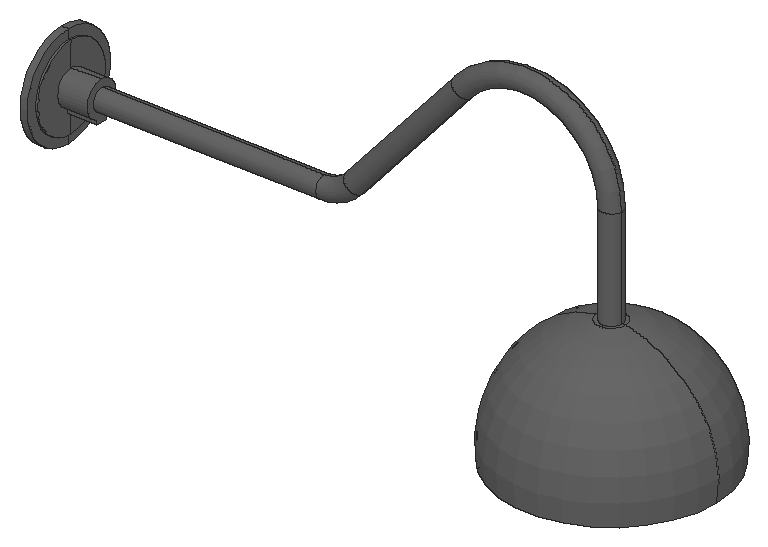
Revit family "DEEP DOME_LED 10,12,16,20", category Lighting Fixtures, Revit 2020
Family settings
  Round Connector Dimension = Use Diameter
  Part Type = Normal
  OmniClass Number = 23.80.70.00
  OmniClass Title = Lighting
  Work Plane-Based = No
  Always vertical = Yes
  Cut with Voids When Loaded = No
  Light Source = Yes
  Shared = No
  Room Calculation Point = No
Parameters (values of type "DD10")
  b = 0' - 2"
  a = 0' - 9"
  Weight = "1.0 lb"
  Wattage Comments = "10W"
  Wattage = 8.41513 W
  Warranty = "5 year limited warranty"  # constant formula
  built-in parameter 1150110 = 1 (stored number, unit not read)
  Voltage = 120 V
  URL = "https://www.anplighting.com/assets/Uploads/product-attachments/specification-sheets/ANP-Specification-Sheet-RLM-LED-DD10.pdf"
  built-in parameter 1114217 = 1 (stored number, unit not read)
  Tilt Angle = 90.00°
  built-in parameter 1150109 = 1 (stored number, unit not read)
  built-in parameter 1150134 = (empty or 0)
  built-in parameter 1150113 = 1 (stored number, unit not read)
  Photometric Web File = "generic"
  built-in parameter 1150142 = (empty or 0)
  Mounting Option [instance] = 2
  Power Factor = 1
  Post Mount [instance] = Mounting Option = 5  # no
  Placement X axis side [instance] = if(Post Mount, 2' 2 15/32", if(Cord or Stem Mount, 0' 0", if(E36 20 inch, 1' 8 1/4", if(E 6 26 inch, 2' 2", if(E7 41 inch, 3' 5 1/4", 0' 1")))))  # 2' - 2"
  Model = "DD10"
  Manufacturer = "ANP Lighting"  # constant formula
  built-in parameter 1150105 = 99.472 (stored number, unit not read)
  Lumens = 1250 lm
  built-in parameter 1150115 = 1 (stored number, unit not read)
  Load Classification = Lighting
  Light Source Height [instance] = 0' - 0"
  built-in parameter 1150137 = (empty or 0)
  built-in parameter 1150139 = (empty or 0)
  Light Elevation _2 [instance] = if(Post Mount, 0' 0.66142", if(E7 41 inch, 0' 0.66142", if(E36 20 inch, 0' 1.65748", if(E 6 26 inch, 0' 1.53543", if(Cord or Stem Mount, (0' 4.3622" + Cord Length), 0' 0")))))  # 0' - 1.53543"
  Light Elevation _1 [instance] = if(Post Mount, 0' 0", if(E7 41 inch, 0' 0", if(E36 20 inch, 0' 1", if(E 6 26 inch, 0' 0.87402", if(Cord or Stem Mount, (0' 3.66142" + Cord Length), 0' 0")))))  # 0' - 0.87402"
  Light Elevation [instance] = if(Post Mount, 14' 0.5315", if(E7 41 inch, 0' 0", 0' 0"))  # 0' - 0"
  Life = "L70 50,000 hours"  # constant formula
  built-in parameter 1150112 = 1 (stored number, unit not read)
  built-in parameter 1150114 = 1 (stored number, unit not read)
  Lamp = "LED"
  built-in parameter 1150132 = 2
  built-in parameter 1150102 = (empty or 0)
  built-in parameter 1150107 = 3000 (stored number, unit not read)
  built-in parameter 1150138 = (empty or 0)
  built-in parameter 1150106 = 0.99472 (stored number, unit not read)
  Fixture Height = 0' - 6"
  Fixture Diameter = 0' - 10"
  Efficiency = "97-125 lumens per watt"  # constant formula
  built-in parameter 1150104 = 13.8 (stored number, unit not read)
  E7 41 inch [instance] = Mounting Option = 4  # no
  E36 20 inch [instance] = Mounting Option = 3  # no
  E 6 26 inch [instance] = Mounting Option = 2  # yes
  Dimming Lamp Color Temperature Shift = <None>
  Dimming = "1%"  # constant formula
  Description = "120-277 Voltage"  # constant formula
  Default Elevation = 0' - 0"
  DD20 = no
  DD16 = no
  DD12 = no
  DD10 = yes
  Cord or Stem Mount [instance] = Mounting Option = 1  # no
  Cord Length option [instance] = 0
  Cord Length [instance] = if([2' Cord], 2' 0", if([4' Cord], 4' 0", if([8' Cord], 8' 0", if([10' Cord], 10' 0", if([6' Cord], 6' 0", 6' 0")))))  # 6' - 0"
  Construction Material = "Heavy Duty spun aluminum."  # constant formula
  Color Filter = 16777215
  Canopy Body = body
  CRI = ">90"  # constant formula
  Bulb = Glass
  Body Material = body
  Body Colour = "Spun aluminium"  # constant formula
  built-in parameter 1114218 = 1 (stored number, unit not read)
  built-in parameter 1150133 = 10 (stored number, unit not read)
  Apparent Load = 10 VA
  8' Cord [instance] = Cord Length option = 8  # no
  6' Cord [instance] = Cord Length option = 6  # no
  4' Cord [instance] = Cord Length option = 4  # no
  2' Cord [instance] = Cord Length option = 2  # no
  10' Cord [instance] = Cord Length option = 10  # no
Types (5): name | b | a | Weight | Wattage Comments | Wattage | URL | Model | built-in parameter 1150105 | Lumens | built-in parameter 1150106 | Fixture Height | Fixture Diameter | DD20 | DD16 | DD12 | DD10 | Apparent Load
  (no name) | 0' - 2" | 0' - 9" | "1.0 lb" | "10W" | 8.41513 W | "https://www.anplighting.com/assets/Uploads/product-attachments/specification-sheets/ANP-Specification-Sheet-RLM-LED-DD10.pdf" | "DD10" | 99.472 (stored number, unit not read) | 1250 lm | 0.99472 (stored number, unit not read) | 0' - 6" | 0' - 10" | no | no | no | yes | 10 VA
  DD10 | 0' - 2" | 0' - 9" | "1.0 lb" | "10W" | 8.41513 W | "https://www.anplighting.com/assets/Uploads/product-attachments/specification-sheets/ANP-Specification-Sheet-RLM-LED-DD10.pdf" | "DD10" | 99.472 (stored number, unit not read) | 1250 lm | 0.99472 (stored number, unit not read) | 0' - 6" | 0' - 10" | no | no | no | yes | 10 VA
  DD12 | 0' - 3" | 0' - 9 1/4" | "2.0 lb" | "16W" | 13.4642 W | "https://www.anplighting.com/assets/Uploads/product-attachments/specification-sheets/ANP-Specification-Sheet-RLM-LED-DD12.pdf" | "DD12" | 159.15 (stored number, unit not read) | 2000 lm | 1.5915 (stored number, unit not read) | 0' - 7 1/4" | 1' - 0" | no | no | yes | no | 16 VA
  DD16 | 0' - 5 1/4" | 0' - 10 3/4" | "4.0 lbs" | "24 W" | 20.1963 W | "https://www.anplighting.com/assets/Uploads/product-attachments/specification-sheets/ANP-Specification-Sheet-RLM-LED-DD16.pdf" | "DD16" | 238.73 (stored number, unit not read) | 3000 lm | 2.3873 (stored number, unit not read) | 0' - 9 3/4" | 1' - 4" | no | yes | no | no | 24 VA
  DD20 | 0' - 7" | 1' - 0 1/4" | "6 lb" | "24 W" | 20.1963 W | "https://www.anplighting.com/assets/Uploads/product-attachments/specification-sheets/ANP-Specification-Sheet-RLM-LED-DD20.pdf" | "DD20" | 238.73 (stored number, unit not read) | 3000 lm | 2.3873 (stored number, unit not read) | 1' - 0 1/4" | 1' - 8" | yes | no | no | no | 24 VA
Reference planes (in)
  plane 1 "Light Source Axis (F/B)": y = 0
  plane 2: z = 0
  plane 3 "Light Source Axis (L/R)": x = 0
  plane 4 "Light Source Elevation": z = 0
  plane 5: z = 0
  plane 6: x = 26
  plane 7 "Bulb Position": z = -1.53543
  plane 8 "Canopy Position": z = -0.87402
  plane 9 "IES": z = -1.53543
  plane 10: z = 164.5315
  plane 11: z = -9.87402
  plane 12: z = -7.87402
  plane 13: z = -5.44289
Dimensions and locks (in)
  "Light Elevation": plane 5 to plane 2
  "Placement X axis side": plane 6 to plane 3 "Light Source Axis (L/R)"
  "Light Elevation _2": plane 5 to plane 7 "Bulb Position"
  "Light Elevation _1": plane 5 to plane 8 "Canopy Position"
  "Light Source Height": plane 7 "Bulb Position" to plane 9 "IES"
  locked: plane 4 "Light Source Elevation" to plane 2
  "a": plane 8 "Canopy Position" to plane 11
  "b": plane 12 to plane 11
  locked: plane 13 to plane 12 at 2.43113
  aligned and locked: level to plane 2
  aligned and locked: plane 1 "Light Source Axis (F/B)" to nested 5
  aligned and locked: nested 5 to plane 2
  aligned and locked: nested 1 to plane 3 "Light Source Axis (L/R)"
  aligned and locked: plane 3 "Light Source Axis (L/R)" to nested 2
  aligned and locked: plane 3 "Light Source Axis (L/R)" to nested 4
  aligned and locked: nested 3 to plane 5
  aligned and locked: plane 3 "Light Source Axis (L/R)" to nested 3
  aligned and locked: plane 3 "Light Source Axis (L/R)" to nested 5
  aligned and locked: plane 1 "Light Source Axis (F/B)" to nested 2
  aligned and locked: plane 1 "Light Source Axis (F/B)" to nested 1
  aligned and locked: plane 1 "Light Source Axis (F/B)" to nested 4
  aligned and locked: plane 1 "Light Source Axis (F/B)" to nested 3
  aligned and locked: plane 2 to nested 1
  aligned and locked: plane 2 to nested 2
  aligned and locked: nested 4 to plane 2
  aligned and locked: imposter light to plane 12
  aligned and locked: plane 6 to imposter light
  aligned and locked: plane 1 "Light Source Axis (F/B)" to nested 6
  aligned and locked: plane 6 to nested 6
  aligned and locked: nested 6 to plane 8 "Canopy Position"
  aligned and locked: plane 1 "Light Source Axis (F/B)" to nested 7
  aligned and locked: plane 6 to nested 7
  aligned and locked: nested 7 to plane 8 "Canopy Position"
  aligned and locked: plane 1 "Light Source Axis (F/B)" to nested 8
  aligned and locked: plane 6 to nested 8
  aligned and locked: nested 8 to plane 8 "Canopy Position"
  aligned and locked: plane 1 "Light Source Axis (F/B)" to nested 9
  aligned and locked: plane 6 to nested 9
  aligned and locked: nested 9 to plane 8 "Canopy Position"
Nested families (in)
  nested 1: "CORD OR STEM MOUNT" at (0, 0, -75.67), visible <- "Cord or Stem Mount", Cord or Stem Mount <- "Cord or Stem Mount", Body Material <- "Body Material", Light Elevation <- "Light Elevation", Cord Length <- "Cord Length", 10' Cord <- "10' Cord", 2' Cord <- "2' Cord", 4' Cord <- "4' Cord", 6' Cord <- "6' Cord", 8' Cord <- "8' Cord", type "CORD OR STEM MOUNT"
    with Light Elevation 0' - 0", Cord or Stem Mount no, Cord Length 6' - 0", Body Material body, 8' Cord no, 6' Cord no, 4' Cord no, 2' Cord no, 10' Cord no
  nested 2: "E6 26 INCH" at (26, 0, 0), visible <- "E 6 26 inch", Chain Length <- "Cord Length", E 6 26 inch <- "E 6 26 inch", Placement X axis side <- "Placement X axis side", Body Material <- "Body Material", Light Elevation <- "Light Elevation", type "E6 26 INCH"
    with Placement X axis side 2' - 2", Light Elevation 0' - 0", E 6 26 inch yes, Chain Length 6' - 0", Body Material body
  nested 3: "E7 41 INCH" at (26, 0, 0), Chain Length <- "Cord Length", visible <- "E7 41 inch", E7 41 inch <- "E7 41 inch", Placement X axis side <- "Placement X axis side", Body Material <- "Body Material", Light Elevation <- "Light Elevation", type "E7 41 INCH"
    with Placement X axis side 2' - 2", Light Elevation 0' - 0", E7 41 inch no, Chain Length 6' - 0", Body Material body
  nested 4: "E36 20 INCH" at (26, 0, 0), visible <- "E36 20 inch", E36 20 inch <- "E36 20 inch", Placement X axis side <- "Placement X axis side", Chain Length <- "Cord Length", Body Material <- "Body Material", Light Elevation <- "Light Elevation", type "E36 20 INCH"
    with Placement X axis side 2' - 2", Light Elevation 0' - 0", E36 20 inch no, Chain Length 6' - 0", Body Material body
  nested 5: "POST MOUNT" at (26, 0, 0), visible <- "Post Mount", Post Mount <- "Post Mount", Placement X axis side <- "Placement X axis side", Chain Length <- "Cord Length", Body Material <- "Body Material", Light Elevation <- "Light Elevation", type "POST MOUNT"
    with Post Mount no, Placement X axis side 2' - 2", Light Elevation 0' - 0", Chain Length 6' - 0", Body Material body
  nested 6: "DD10_1" at (26, 0, -0.93652), DD10 <- "DD10", visible <- "DD10", Body <- "Canopy Body", Bulb <- "Bulb", Light Elevation <- "Light Elevation", type "DD10_1"
    with Light Elevation 0' - 0", DD10 yes, Bulb Glass, Body body
  nested 7: "DD12_1" at (26, 0, -0.87402), DD12 <- "DD12", visible <- "DD12", Body <- "Canopy Body", Bulb <- "Bulb", Light Elevation <- "Light Elevation", type "DD12_1"
    with Light Elevation 0' - 0", DD12 no, Bulb Glass, Body body
  nested 8: "DD16_1" at (26, 0, -0.87402), DD16 <- "DD16", visible <- "DD16", Body <- "Canopy Body", Bulb <- "Bulb", Light Elevation <- "Light Elevation", type "DD16_1"
    with Light Elevation 0' - 0", DD16 no, Bulb Glass, Body body
  nested 9: "DD20_1" at (26, 0, -0.87402), Body <- "Canopy Body", Bulb <- "Bulb", DD20 <- "DD20", visible <- "DD20", Light Elevation <- "Light Elevation", type "DD20_1"
    with Light Elevation 0' - 0", DD20 no, Bulb Glass, Body body
Definition of nested family "E6 26 INCH"
  Parameters (values of type "E6 26 INCH")
    URL = ""
    Placement X axis side [instance] = 2' - 2"
    Model = ""
    Manufacturer = ""
    Light Elevation [instance] = 8' - 4"
    E 6 26 inch [instance] = yes
    Default Elevation = 0' - 0"
    Chain Length [instance] = 0' - 0"
    Body Material [instance] = none
  Reference planes (in)
    plane 1 "Light Source Axis (F/B)": y = 0
    plane 2: z = 0
    plane 3 "Light Source Axis (L/R)": x = 0
    plane 4 "Light Source Elevation": z = 23.125
    plane 5: z = 100
    plane 6: x = -26
    plane 7: z = 99.125
    plane 8: x = -24.12
    plane 9: x = -25.5474
  Forms (in)
    Extrusion 1, void, not visible
      sketch origin (0, 0, 2.38154) x (1, 0, 0) y (0, 0, 1)
        loop
          circle (0, 4.59925) r 0.16583
      from 1.18594 to 1.75
    Extrusion 2, void, not visible
      sketch origin (0, 0, 2.38154) x (0.707107, -0.707107, 0) y (0, 0, 1)
        loop
          circle (0, 4.59925) r 0.16583
      from 1.18594 to 1.75
    Extrusion 3, void, not visible
      sketch origin (0, 0, 2.38154) x (0.707107, 0.707107, 0) y (0, 0, 1)
        loop
          circle (0, 4.59925) r 0.16583
      from 1.18594 to 1.75
    Extrusion 4, void, not visible
      sketch origin (0, 0, 2.38154) x (0, 1, 0) y (0, 0, 1)
        loop
          circle (0, 4.59925) r 0.16583
      from 1.18594 to 1.75
    Extrusion 5, void, not visible
      sketch origin (0, 0, 2.38154) x (-0.707107, 0.707107, 0) y (0, 0, 1)
        loop
          circle (0, 4.59925) r 0.16583
      from 1.18594 to 1.75
    Extrusion 6, void, not visible
      sketch origin (0, 0, 2.38154) x (-1, 0, 0) y (0, 0, 1)
        loop
          circle (0, 4.59925) r 0.20678
      from 1.18594 to 1.75
    Extrusion 7, void, not visible
      sketch origin (0, 0, 2.38154) x (-0.707107, -0.707107, 0) y (0, 0, 1)
        loop
          circle (0, 4.59925) r 0.16583
      from 1.18594 to 1.75
    Extrusion 8, void, not visible
      sketch origin (0, 0, 2.38154) x (0, -1, 0) y (0, 0, 1)
        loop
          circle (0, 4.59925) r 0.16583
      from 1.18594 to 1.75
    Sweep 9, solid, material <- "Body Material", visible <- "E 6 26 inch"
      path origin (-41.25, 0, 168.51693) x (1, 0, 0) y (0, 0, 1)
        loop
          line (17.13, -68.51693) -> (27.68551, -68.51693)
          arc (27.68551, -68.51693) -> (28.47996, -68.34486) -> (29.13202, -67.8595) r 1.92004
          line (29.13202, -67.8595) -> (34.23651, -62.01155)
          arc (34.23651, -62.01155) -> (38.65464, -60.89667) -> (41.25, -64.64193) r 4
          line (41.25, -64.64193) -> (41.25, -69.39193)
      profile origin (-18.84224, 0, 100) x (0, 0, 1) y (0, -1, 0)
        loop
          circle (0, 0) r 0.5
    Revolve 10, solid, material <- "Body Material", visible <- "E 6 26 inch"
      sketch origin (-26, 0, 168.51693) x (1, 0, 0) y (0, 0, 1)
        loop
          line (0, -66.07943) -> (0, -68.51693) -> (1.88, -68.51693) -> (1.88, -67.69272) -> (0.4526, -67.69272) -> (0.4526, -66.54122) -> (0.33125, -66.54122) -> (0.33125, -66.07943) -> (0, -66.07943)
        axis (0, -68.51693) -> (1.88, -68.51693)
      angle from 0 to 360
    Extrusion 11, solid, material <- "Body Material", visible <- "E 6 26 inch"
      sketch origin (-26, 0, 168.51693) x (0, -1, 0) y (0, 0, -1)
        loop
          line (0.25, 68.51693) -> (0.25, 69.51693) -> (-0.25, 69.51693) -> (-0.25, 68.51693) -> (0.25, 68.51693)
      from 0.4526 to 1.88
  Cuts and joins
    joined: Revolve 10, Extrusion 11
  Dimensions and locks (in)
    "Light Elevation": plane 5 to plane 2
    "Placement X axis side": plane 3 "Light Source Axis (L/R)" to plane 6
    locked: plane 5 to plane 7 at 0.875
    Revolve 10 sketch curve to Revolve 10 sketch curve to Revolve 10 sketch curve to plane 6 = 0' - 1.4274" locked, 0' - 0.12135" locked, 0' - 0.33125" locked
    Revolve 10 sketch curve to Revolve 10 sketch curve to Revolve 10 sketch curve to plane 5 = 0' - 0.46179" locked, 0' - 1.1515" locked, 0' - 0 211/256" locked
    locked: Sweep 9 sketch curve to plane 6 at 1.88
    locked: Sweep 9 sketch curve to Sweep 9 sketch curve at 10.55551
    locked: Sweep 9 sketch curve to Sweep 9 sketch curve at 13.56449
    locked: Sweep 9 sketch curve to Sweep 9 sketch curve at 4.75
    locked: plane 9 to plane 6 at 0.4526
    locked: plane 8 to plane 9 at 1.4274
    aligned and locked: level to plane 2
    aligned and locked: Revolve 10 sketch curve to plane 6
    aligned and locked: plane 5 to Revolve 10 sketch curve
    aligned and locked: Revolve 10 sketch curve to plane 5
    aligned and locked: cut or joined group of Revolve 10, Extrusion 11 to plane 9
    aligned and locked: plane 8 to cut or joined group of Revolve 10, Extrusion 11
  Automatic sketch dimensions
    Sweep 9 sketch curve to plane 5 = 0' - 0"
    Sweep 9 sketch curve to Sweep 9 sketch curve = 0' - 4"
    Sweep 9 sketch curve to Sweep 9 sketch curve = 0' - 3.01349"
    plane 5 to Sweep 9 sketch curve = 0' - 0.65743"
    Sweep 9 sketch curve to Sweep 9 sketch curve = 0' - 1.4465"
    Sweep 9 sketch curve to plane 5 = 0' - 0 7/8"
    profile plane to Sweep 9 sketch curve = 0' - 0"
    Sweep 9 sketch curve to profile plane = 0' - 0"
    plane 6 to Revolve 10 sketch curve = 0' - 0.62562"
    Revolve 10 sketch curve to Revolve 10 sketch curve = 0' - 0 1/2"
    Extrusion 11 sketch curve to plane 5 = 0' - 0"
    plane 1 "Light Source Axis (F/B)" to Extrusion 11 sketch curve = 0' - 0 1/4"
    Extrusion 11 sketch curve to plane 1 "Light Source Axis (F/B)" = 0' - 0 1/4"
    plane 5 to Extrusion 11 sketch curve = 0' - 1"
    radius of Sweep 9 sketch curve = 0' - 0 1/2"
Definition of nested family "DD10_1"
  Parameters (values of type "DD10_1")
    Light Elevation [instance] = 5' - 0"
    Default Elevation = 0' - 0"
    DD10 [instance] = yes
    Bulb [instance] = none
    Body [instance] = none
  Reference planes (in)
    plane 1 "Center (Front/Back)": y = 0
    plane 2: z = 0
    plane 3 "Center (Left/Right)": x = 0
    plane 4: z = 60
    plane 5: z = 56
  Dimensions and locks (in)
    "Light Elevation": plane 4 to plane 2
    locked: plane 4 to nested 2 at 1.5569
    locked: plane 4 to plane 5 at 4
    aligned and locked: plane 2 to level
    aligned and locked: plane 3 "Center (Left/Right)" to nested 1
    aligned and locked: plane 1 "Center (Front/Back)" to nested 1
    aligned and locked: plane 4 to nested 1
    aligned and locked: plane 1 "Center (Front/Back)" to nested 2
    aligned and locked: plane 3 "Center (Left/Right)" to nested 2
  Nested families (in)
    nested 1: "DD10 BASE" at (0, 0, 60.0625), visible <- "DD10", Body <- "Body", DD10 <- "DD10", type "DD10 BASE"
    nested 2: "Bulb" at (0, 0, 60.46875), visible <- "DD10", Bulb_1 <- "DD10", Bulb <- "Bulb", type "Bulb"
  Definition of nested family "DD10 BASE"
    Parameters (values of type "DD10 BASE")
      Default Elevation = 0' - 0"
      DD10 [instance] = yes
      Body [instance] = none
    Reference planes (in)
      plane 1 "Center (Front/Back)": y = 0
      plane 2: z = 0
      plane 3 "Center (Left/Right)": x = 0
    Forms (in)
      Revolve 1, solid, material <- "Body", visible <- "DD10"
        sketch origin (0, 0, 0) x (1, 0, 0) y (0, 0, 1)
          loop
            arc (0.6821, -0.0625) -> (4.02311, -2.16156) -> (4.93676, -6) r 5.21339
            line (4.93676, -6) -> (5, -6)
            arc (5, -6) -> (4.0695, -2.11899) -> (0.6875, 0) r 5.27589
            line (0.6875, 0) -> (0.10938, 0) -> (0.10938, -0.0625) -> (0.6875, -0.0625)
          axis (0, 0) -> (0, -6)
        angle from 0 to 360
    Dimensions and locks (in)
      Revolve 1 to Revolve 1 = 0' - 6"
      Revolve 1 to Revolve 1 = 0' - 10"
      aligned and locked: plane 2 to level
  Definition of nested family "Bulb"
    Parameters (values of type "Bulb")
      Default Elevation = 0' - 0"
      Bulb_1 [instance] = yes
      Bulb [instance] = none
    Reference planes (in)
      plane 1 "Center (Front/Back)": y = 0
      plane 2: z = 0
      plane 3 "Center (Left/Right)": x = 0
    Forms (in)
      Revolve 1, solid, material <- "Bulb", visible <- "Bulb_1"
        sketch origin (0.00446, 0, 0.00567) x (1, 0, 0) y (0, 0, 1)
          loop
            arc (-1.22244, -3.28132) -> (-0.86108, -4.13031) -> (0, -4.46182) r 1.18347
            line (0, -4.46182) -> (0, -3.28132) -> (-1.22244, -3.28132)
          axis (0, -4.46182) -> (0, -3.28132)
        angle from 0 to 360
      Revolve 2, solid, material <- "Bulb", visible <- "Bulb_1"
        sketch origin (0, 0, 0) x (1, 0, 0) y (0, 0, 1)
          loop
            line (0.00225, -3.02565) -> (0.00225, -3.27565) -> (1.76788, -3.27565) -> (1.76788, -3.02565) -> (0.00225, -3.02565)
          axis (0.00225, -3.02565) -> (0.00225, -3.27565)
        angle from 0 to 360
      Revolve 3, solid, material <- "Bulb", visible <- "Bulb_1"
        sketch origin (0, 0, 0) x (1, 0, 0) y (0, 0, 1)
          loop
            line (1.3513, -2.02565) -> (0, -2.02565) -> (0, -3.02565) -> (1.47103, -3.02565) -> (1.39254, -2.98286) -> (1.39254, -2.056) -> (1.3513, -2.02565)
          axis (0, -3.02565) -> (0, -2.02565)
        angle from 0 to 360
    Dimensions and locks (in)
      aligned and locked: plane 2 to level
Definition of nested family "CORD OR STEM MOUNT"
  Parameters (values of type "CORD OR STEM MOUNT")
    URL = ""
    Model = ""
    Manufacturer = ""
    Light Elevation [instance] = 1' - 7.69"
    Default Elevation = 0' - 0"
    Cord or Stem Mount [instance] = yes
    Cord Length [instance] = 6' - 0"
    Body Material [instance] = none
    8' Cord [instance] = no
    6' Cord [instance] = no
    4' Cord [instance] = no
    2' Cord [instance] = no
    10' Cord [instance] = no
  Reference planes (in)
    plane 1 "Light Source Axis (F/B)": y = 0
    plane 2: z = 0
    plane 3 "Light Source Axis (L/R)": x = 0
    plane 4 "Light Source Elevation": z = 23.125
    plane 5: z = 91.69
    plane 6: z = 19.69
  Forms (in)
    Extrusion 1, void, not visible
      sketch origin (0, 0, 2.38154) x (1, 0, 0) y (0, 0, 1)
        loop
          circle (0, 4.59925) r 0.16583
      from 1.18594 to 1.75
    Extrusion 2, void, not visible
      sketch origin (0, 0, 2.38154) x (0.707107, -0.707107, 0) y (0, 0, 1)
        loop
          circle (0, 4.59925) r 0.16583
      from 1.18594 to 1.75
    Extrusion 3, void, not visible
      sketch origin (0, 0, 2.38154) x (0.707107, 0.707107, 0) y (0, 0, 1)
        loop
          circle (0, 4.59925) r 0.16583
      from 1.18594 to 1.75
    Extrusion 4, void, not visible
      sketch origin (0, 0, 2.38154) x (0, 1, 0) y (0, 0, 1)
        loop
          circle (0, 4.59925) r 0.16583
      from 1.18594 to 1.75
    Extrusion 5, void, not visible
      sketch origin (0, 0, 2.38154) x (-0.707107, 0.707107, 0) y (0, 0, 1)
        loop
          circle (0, 4.59925) r 0.16583
      from 1.18594 to 1.75
    Extrusion 6, void, not visible
      sketch origin (0, 0, 2.38154) x (-1, 0, 0) y (0, 0, 1)
        loop
          circle (0, 4.59925) r 0.20678
      from 1.18594 to 1.75
    Extrusion 7, void, not visible
      sketch origin (0, 0, 2.38154) x (-0.707107, -0.707107, 0) y (0, 0, 1)
        loop
          circle (0, 4.59925) r 0.16583
      from 1.18594 to 1.75
    Extrusion 8, void, not visible
      sketch origin (0, 0, 2.38154) x (0, -1, 0) y (0, 0, 1)
        loop
          circle (0, 4.59925) r 0.16583
      from 1.18594 to 1.75
    Revolve 9, solid, material <- "Body Material", visible <- "Cord or Stem Mount"
      sketch origin (0, 0, 174.56698) x (1, 0, 0) y (0, 0, 1)
        loop
          line (2.6875, -79.20698) -> (0, -79.20698) -> (0, -82.87698) -> (0.125, -82.87698) -> (0.125, -82.83698) -> (0.75, -82.83698)
          arc (0.75, -82.83698) -> (0.81694, -82.77004) -> (0.75, -82.7031) r 0.06694
          line (0.75, -82.7031) -> (0.89763, -82.7031) -> (1.00223, -82.5985) -> (1.06587, -82.5985)
          arc (1.06587, -82.5985) -> (1.80099, -82.29401) -> (2.10549, -81.55888) r 1.03962
          line (2.10549, -81.55888) -> (2.10549, -81.03899)
          arc (2.10549, -81.03899) -> (2.12951, -80.981) -> (2.1875, -80.95698) r 0.08201
          line (2.1875, -80.95698) -> (2.1875, -80.70698) -> (2.6875, -80.70698) -> (2.6875, -79.20698)
        axis (0, -79.20698) -> (0, -82.87698)
      angle from 0 to 360
    Revolve 10, solid, material <- "Body Material", visible <- "Cord or Stem Mount"
      sketch origin (0, 0, 0) x (1, 0, 0) y (0, 0, 1)
        loop
          line (0, 91.69) -> (-0.125, 91.69) -> (-0.125, 19.69) -> (0, 19.69) -> (0, 91.69)
        axis (0, 19.69) -> (0, 91.69)
      angle from 0 to 360
  Dimensions and locks (in)
    "Light Elevation": plane 6 to plane 2
    "Cord Length": plane 5 to plane 6
    locked: Revolve 10 sketch curve to Revolve 10 sketch curve at 0.125
    aligned and locked: level to plane 2
    aligned and locked: Revolve 10 sketch curve to plane 3 "Light Source Axis (L/R)"
    aligned and locked: Revolve 10 sketch curve to plane 6
    aligned and locked: Revolve 10 sketch curve to plane 5
    aligned and locked: plane 3 "Light Source Axis (L/R)" to Revolve 10 sketch curve
  Automatic sketch dimensions
    Revolve 9 sketch curve to plane 3 "Light Source Axis (L/R)" = 0' - 0"  (x2)
    Revolve 9 sketch curve to plane 5 = 0' - 0"
    plane 3 "Light Source Axis (L/R)" to Revolve 9 sketch curve = 0' - 0 1/8"
    Revolve 9 sketch curve to plane 5 = 0' - 0.17388"
    Revolve 9 sketch curve to Revolve 9 sketch curve = 0' - 0 5/8"
    Revolve 9 sketch curve to Revolve 9 sketch curve = 0' - 0.14763"
    Revolve 9 sketch curve to plane 5 = 0' - 0.27847"
    Revolve 9 sketch curve to Revolve 9 sketch curve = 0' - 0.1046"
    Revolve 9 sketch curve to Revolve 9 sketch curve = 0' - 0.06364"
    Revolve 9 sketch curve to Revolve 9 sketch curve = 0' - 1.03962"
    Revolve 9 sketch curve to Revolve 9 sketch curve = 0' - 0 21/256"
    Revolve 9 sketch curve to Revolve 9 sketch curve = 0' - 0 1/2"  (x2)
    Revolve 9 sketch curve to Revolve 9 sketch curve = 0' - 0.51989"
    Revolve 9 sketch curve to Revolve 9 sketch curve = 0' - 0 1/4"
    Revolve 9 sketch curve to Revolve 9 sketch curve = 0' - 2.3519"
    Revolve 9 sketch curve to Revolve 9 sketch curve = 0' - 1 1/4"
    Revolve 9 sketch curve to Revolve 9 sketch curve = 0' - 0.04"
    Revolve 10 sketch curve to Revolve 10 sketch curve = 0' - 0 1/2"
    Revolve 10 sketch curve to Revolve 10 sketch curve = 0' - 0.42345"
Definition of nested family "E7 41 INCH"
  Parameters (values of type "E7 41 INCH")
    URL = ""
    Placement X axis side [instance] = 4' - 2"
    Model = ""
    Manufacturer = ""
    Light Elevation [instance] = 8' - 4"
    E7 41 inch [instance] = yes
    Default Elevation = 0' - 0"
    Chain Length [instance] = 0' - 0"
    Body Material [instance] = none
  Reference planes (in)
    plane 1 "Light Source Axis (F/B)": y = 0
    plane 2: z = 0
    plane 3 "Light Source Axis (L/R)": x = 0
    plane 4 "Light Source Elevation": z = 23.125
    plane 5: z = 100
    plane 6: x = -50
  Forms (in)
    Extrusion 1, void, not visible
      sketch origin (0, 0, 2.38154) x (1, 0, 0) y (0, 0, 1)
        loop
          circle (0, 4.59925) r 0.16583
      from 1.18594 to 1.75
    Extrusion 2, void, not visible
      sketch origin (0, 0, 2.38154) x (0.707107, -0.707107, 0) y (0, 0, 1)
        loop
          circle (0, 4.59925) r 0.16583
      from 1.18594 to 1.75
    Extrusion 3, void, not visible
      sketch origin (0, 0, 2.38154) x (0.707107, 0.707107, 0) y (0, 0, 1)
        loop
          circle (0, 4.59925) r 0.16583
      from 1.18594 to 1.75
    Extrusion 4, void, not visible
      sketch origin (0, 0, 2.38154) x (0, 1, 0) y (0, 0, 1)
        loop
          circle (0, 4.59925) r 0.16583
      from 1.18594 to 1.75
    Extrusion 5, void, not visible
      sketch origin (0, 0, 2.38154) x (-0.707107, 0.707107, 0) y (0, 0, 1)
        loop
          circle (0, 4.59925) r 0.16583
      from 1.18594 to 1.75
    Extrusion 6, void, not visible
      sketch origin (0, 0, 2.38154) x (-1, 0, 0) y (0, 0, 1)
        loop
          circle (0, 4.59925) r 0.20678
      from 1.18594 to 1.75
    Extrusion 7, void, not visible
      sketch origin (0, 0, 2.38154) x (-0.707107, -0.707107, 0) y (0, 0, 1)
        loop
          circle (0, 4.59925) r 0.16583
      from 1.18594 to 1.75
    Extrusion 8, void, not visible
      sketch origin (0, 0, 2.38154) x (0, -1, 0) y (0, 0, 1)
        loop
          circle (0, 4.59925) r 0.16583
      from 1.18594 to 1.75
    Revolve 9, solid, material <- "Body Material", visible <- "E7 41 inch"
      sketch origin (-41.25, 0, 168.39193) x (1, 0, 0) y (0, 0, 1)
        loop
          line (-8.75, -66.20443) -> (-8.75, -68.51693) -> (-6.87, -68.51693) -> (-6.87, -67.69272) -> (-8.2974, -67.69272) -> (-8.2974, -66.54122) -> (-8.41875, -66.54122) -> (-8.41875, -66.20443) -> (-8.75, -66.20443)
        axis (-8.75, -68.51693) -> (-6.87, -68.51693)
      angle from 0 to 360
    Extrusion 10, solid, material <- "Body Material", visible <- "E7 41 inch"
      sketch origin (-41.25, 0, 168.39193) x (0, -1, 0) y (0, 0, -1)
        loop
          line (0.25, 68.51693) -> (0.25, 69.51693) -> (-0.25, 69.51693) -> (-0.25, 68.51693) -> (0.25, 68.51693)
      from -8.2974 to -6.87
    Sweep 11, solid, material <- "Body Material", visible <- "E7 41 inch"
      path origin (-41.25, 0, 168.39193) x (1, 0, 0) y (0, 0, 1)
        loop
          line (-6.87, -68.51693) -> (16.04011, -68.51693)
          arc (16.04011, -68.51693) -> (17.864, -68.13651) -> (19.38375, -67.0587) r 4.5625
          line (19.38375, -67.0587) -> (24.70217, -61.33018)
          arc (24.70217, -61.33018) -> (29.64465, -60.20324) -> (32.5, -64.39193) r 4.5
          line (32.5, -64.39193) -> (32.5, -68.39193)
      profile origin (-36.66494, 0, 99.875) x (0, 0, 1) y (0, -1, 0)
        loop
          circle (0, 0) r 0.5
  Dimensions and locks (in)
    "Placement X axis side": plane 3 "Light Source Axis (L/R)" to plane 6
    "Light Elevation": plane 5 to plane 2
    locked: Revolve 9 sketch curve to Revolve 9 sketch curve at 0.33125
    locked: Revolve 9 sketch curve to Revolve 9 sketch curve at 0.4526
    locked: Revolve 9 sketch curve to Revolve 9 sketch curve at 1.88
    locked: Revolve 9 sketch curve to Revolve 9 sketch curve at 0.82421
    locked: Revolve 9 sketch curve to Revolve 9 sketch curve at 1.1515
    locked: Revolve 9 sketch curve to Revolve 9 sketch curve at 0.33679
    locked: plane 5 to Revolve 9 sketch curve at 0.125
    locked: Extrusion 10 sketch curve to Extrusion 10 sketch curve at 0.5
    locked: Extrusion 10 sketch curve to Extrusion 10 sketch curve at 1
    locked: plane 5 to Extrusion 10 sketch curve at 0.125
    locked: plane 5 to Sweep 11 sketch curve at 0.125
    locked: Sweep 11 sketch curve to Sweep 11 sketch curve at 39.37
    locked: Sweep 11 sketch curve to Sweep 11 sketch curve at 4
    locked: plane 6 to Extrusion 10 at 0.4526
    locked: Sweep 11 sketch curve to plane 6 at 1.88
    locked: Extrusion 10 to Extrusion 10 at 1.4274
    aligned and locked: plane 2 to level
    aligned and locked: Revolve 9 sketch curve to plane 6
  Automatic sketch dimensions
    Revolve 9 sketch curve to plane 5 = 0' - 0 1/8"
    plane 6 to Revolve 9 sketch curve = 0' - 0.62562"
    Revolve 9 sketch curve to Revolve 9 sketch curve = 0' - 0 1/2"
    plane 1 "Light Source Axis (F/B)" to Extrusion 10 sketch curve = 0' - 0 1/4"
    Sweep 11 sketch curve to plane 5 = 0' - 0"
    Sweep 11 sketch curve to Sweep 11 sketch curve = 0' - 4 1/2"
    Sweep 11 sketch curve to Sweep 11 sketch curve = 0' - 3.29783"
    plane 5 to Sweep 11 sketch curve = 0' - 1.33323"
    Sweep 11 sketch curve to Sweep 11 sketch curve = 0' - 5.31842"
    Sweep 11 sketch curve to Sweep 11 sketch curve = 0' - 3.34364"
    profile plane to Sweep 11 sketch curve = 0' - 0"
    Sweep 11 sketch curve to profile plane = 0' - 0"
    radius of Sweep 11 sketch curve = 0' - 0 1/2"
Definition of nested family "E36 20 INCH"
  Parameters (values of type "E36 20 INCH")
    URL = ""
    Placement X axis side [instance] = 1' - 8 1/4"
    Model = ""
    Manufacturer = ""
    Light Elevation [instance] = 8' - 4"
    E36 20 inch [instance] = yes
    Default Elevation = 0' - 0"
    Chain Length [instance] = 0' - 0"
    Body Material [instance] = none
  Reference planes (in)
    plane 1 "Light Source Axis (F/B)": y = 0
    plane 2: z = 0
    plane 3 "Light Source Axis (L/R)": x = 0
    plane 4 "Light Source Elevation": z = 23.125
    plane 5: z = 99
    plane 6: x = -20.25
    plane 7: z = 100
    plane 8: x = -18.37008
    plane 9: x = -19.79724
  Forms (in)
    Extrusion 1, void, not visible
      sketch origin (0, 0, 2.38154) x (1, 0, 0) y (0, 0, 1)
        loop
          circle (0, 4.59925) r 0.16583
      from 1.18594 to 1.75
    Extrusion 2, void, not visible
      sketch origin (0, 0, 2.38154) x (0.707107, -0.707107, 0) y (0, 0, 1)
        loop
          circle (0, 4.59925) r 0.16583
      from 1.18594 to 1.75
    Extrusion 3, void, not visible
      sketch origin (0, 0, 2.38154) x (0.707107, 0.707107, 0) y (0, 0, 1)
        loop
          circle (0, 4.59925) r 0.16583
      from 1.18594 to 1.75
    Extrusion 4, void, not visible
      sketch origin (0, 0, 2.38154) x (0, 1, 0) y (0, 0, 1)
        loop
          circle (0, 4.59925) r 0.16583
      from 1.18594 to 1.75
    Extrusion 5, void, not visible
      sketch origin (0, 0, 2.38154) x (-0.707107, 0.707107, 0) y (0, 0, 1)
        loop
          circle (0, 4.59925) r 0.16583
      from 1.18594 to 1.75
    Extrusion 6, void, not visible
      sketch origin (0, 0, 2.38154) x (-1, 0, 0) y (0, 0, 1)
        loop
          circle (0, 4.59925) r 0.20678
      from 1.18594 to 1.75
    Extrusion 7, void, not visible
      sketch origin (0, 0, 2.38154) x (-0.707107, -0.707107, 0) y (0, 0, 1)
        loop
          circle (0, 4.59925) r 0.16583
      from 1.18594 to 1.75
    Extrusion 8, void, not visible
      sketch origin (0, 0, 2.38154) x (0, -1, 0) y (0, 0, 1)
        loop
          circle (0, 4.59925) r 0.16583
      from 1.18594 to 1.75
    Sweep 9, solid, material <- "Body Material", visible <- "E36 20 inch"
      path origin (-41.25, 0, 169.51693) x (1, 0, 0) y (0, 0, 1)
        loop
          line (22.88, -69.51693) -> (28.93827, -69.51693)
          arc (28.93827, -69.51693) -> (29.97705, -69.28152) -> (30.81284, -68.62128) r 2.40953
          line (30.81284, -68.62128) -> (34.13807, -64.50378)
          arc (34.13807, -64.50378) -> (38.58272, -63.24548) -> (41.25, -67.01693) r 4
          line (41.25, -67.01693) -> (41.25, -70.51693)
      profile origin (-15.34086, 0, 100) x (0, 0, 1) y (0, -1, 0)
        loop
          circle (0, 0) r 0.5
    Revolve 10, solid, material <- "Body Material", visible <- "E36 20 inch"
      sketch origin (-20.25, 0, 169.51693) x (1, 0, 0) y (0, 0, 1)
        loop
          line (0, -67.20443) -> (0, -69.51693) -> (1.88, -69.51693) -> (1.88, -68.69272) -> (0.4526, -68.69272) -> (0.4526, -67.54122) -> (0.33125, -67.54122) -> (0.33125, -67.20443) -> (0, -67.20443)
        axis (0, -69.51693) -> (1.88, -69.51693)
      angle from 0 to 360
    Extrusion 11, solid, material <- "Body Material", visible <- "E36 20 inch"
      sketch origin (-20.25, 0, 169.51693) x (0, -1, 0) y (0, 0, -1)
        loop
          line (0.25, 69.51693) -> (0.25, 70.51693) -> (-0.25, 70.51693) -> (-0.25, 69.51693) -> (0.25, 69.51693)
      from 1.87992 to 0.45276
  Cuts and joins
    joined: Revolve 10, Extrusion 11
  Dimensions and locks (in)
    "Light Elevation": plane 7 to plane 2
    "Placement X axis side": plane 3 "Light Source Axis (L/R)" to plane 6
    locked: plane 7 to plane 5 at 1
    Revolve 10 sketch curve to Revolve 10 sketch curve to Revolve 10 sketch curve to plane 7 = 0' - 0.33679" locked, 0' - 1.1515" locked, 0' - 0 211/256" locked
    locked: Sweep 9 sketch curve to plane 6 at 1.88
    locked: Sweep 9 sketch curve to Sweep 9 sketch curve at 6.05827
    locked: Sweep 9 sketch curve to Sweep 9 sketch curve at 12.31173
    locked: Sweep 9 sketch curve to Sweep 9 sketch curve at 3.5
    Revolve 10 sketch curve to Revolve 10 sketch curve to Revolve 10 sketch curve to plane 6 = 0' - 1.4274" locked, 0' - 0.12135" locked, 0' - 0.33125" locked
    locked: plane 9 to plane 6 at 0.45276
    locked: plane 8 to plane 9 at 1.42717
    aligned and locked: level to plane 2
    aligned and locked: plane 7 to Revolve 10 sketch curve
    aligned and locked: Revolve 10 sketch curve to plane 7
    aligned and locked: Revolve 10 sketch curve to plane 6
    aligned and locked: cut or joined group of Revolve 10, Extrusion 11 to plane 9
    aligned and locked: plane 8 to cut or joined group of Revolve 10, Extrusion 11
  Automatic sketch dimensions
    Sweep 9 sketch curve to plane 7 = 0' - 0"
    Sweep 9 sketch curve to plane 5 = 0' - 0"
    Sweep 9 sketch curve to Sweep 9 sketch curve = 0' - 4"
    Sweep 9 sketch curve to plane 7 = 0' - 0.89565"
    Sweep 9 sketch curve to Sweep 9 sketch curve = 0' - 3.32523"
    Sweep 9 sketch curve to Sweep 9 sketch curve = 0' - 1.87457"
    profile plane to Sweep 9 sketch curve = 0' - 0"
    Sweep 9 sketch curve to profile plane = 0' - 0"
    plane 6 to Revolve 10 sketch curve = 0' - 0.62562"
    Revolve 10 sketch curve to Revolve 10 sketch curve = 0' - 0 1/2"
    plane 7 to Extrusion 11 sketch curve = 0' - 0"
    Extrusion 11 sketch curve to plane 5 = 0' - 0"
    plane 1 "Light Source Axis (F/B)" to Extrusion 11 sketch curve = 0' - 0 1/4"
    Extrusion 11 sketch curve to plane 1 "Light Source Axis (F/B)" = 0' - 0 1/4"
    radius of Sweep 9 sketch curve = 0' - 0 1/2"
Definition of nested family "POST MOUNT"
  Parameters (values of type "POST MOUNT")
    URL = ""
    Post Mount [instance] = yes
    Placement X axis side [instance] = 2' - 2 1/2"
    Model = ""
    Manufacturer = ""
    Light Elevation [instance] = 14' - 0.5168"
    Default Elevation = 0' - 0"
    Chain Length [instance] = 0' - 0"
    Body Material [instance] = none
  Reference planes (in)
    plane 1 "Light Source Axis (F/B)": y = 0
    plane 2: z = 0
    plane 3 "Light Source Axis (L/R)": x = 0
    plane 4 "Light Source Elevation": z = 23.125
    plane 5: x = -26.5
    plane 6: z = 168.5168
  Forms (in)
    Extrusion 1, void, not visible
      sketch origin (0, 0, 2.38154) x (1, 0, 0) y (0, 0, 1)
        loop
          circle (0, 4.59925) r 0.16583
      from 1.18594 to 1.75
    Extrusion 2, void, not visible
      sketch origin (0, 0, 2.38154) x (0.707107, -0.707107, 0) y (0, 0, 1)
        loop
          circle (0, 4.59925) r 0.16583
      from 1.18594 to 1.75
    Extrusion 3, void, not visible
      sketch origin (0, 0, 2.38154) x (0.707107, 0.707107, 0) y (0, 0, 1)
        loop
          circle (0, 4.59925) r 0.16583
      from 1.18594 to 1.75
    Extrusion 4, void, not visible
      sketch origin (0, 0, 2.38154) x (0, 1, 0) y (0, 0, 1)
        loop
          circle (0, 4.59925) r 0.16583
      from 1.18594 to 1.75
    Extrusion 5, void, not visible
      sketch origin (0, 0, 2.38154) x (-0.707107, 0.707107, 0) y (0, 0, 1)
        loop
          circle (0, 4.59925) r 0.16583
      from 1.18594 to 1.75
    Extrusion 6, void, not visible
      sketch origin (0, 0, 2.38154) x (-1, 0, 0) y (0, 0, 1)
        loop
          circle (0, 4.59925) r 0.20678
      from 1.18594 to 1.75
    Extrusion 7, void, not visible
      sketch origin (0, 0, 2.38154) x (-0.707107, -0.707107, 0) y (0, 0, 1)
        loop
          circle (0, 4.59925) r 0.16583
      from 1.18594 to 1.75
    Extrusion 8, void, not visible
      sketch origin (0, 0, 2.38154) x (0, -1, 0) y (0, 0, 1)
        loop
          circle (0, 4.59925) r 0.16583
      from 1.18594 to 1.75
    Revolve 9, solid, material <- "Body Material", visible <- "Post Mount"
      sketch origin (-7.90508, 0, 0) x (1, 0, 0) y (0, 0, 1)
        loop
          line (-18.59492, 3.92912) -> (-16.29831, 3.92912) -> (-16.29831, 4.2668) -> (-16.91413, 4.2668) -> (-16.91413, 134.5168) -> (-17.16413, 134.5168) -> (-17.16413, 137.3918) -> (-17.05979, 137.3918)
          arc (-17.05979, 137.3918) -> (-16.93479, 137.5168) -> (-17.05979, 137.6418) r 0.125
          line (-17.05979, 137.6418) -> (-17.48032, 137.6418) -> (-17.48032, 139.0793) -> (-17.73032, 139.0793) -> (-17.73032, 139.5793) -> (-18.59492, 139.5793) -> (-18.59492, 3.92912)
        axis (-18.59492, 139.5793) -> (-18.59492, 3.92912)
      angle from 0 to 360
    Extrusion 10, solid, material <- "Body Material", visible <- "Post Mount"
      sketch origin (0, 0, 0) x (1, 0, 0) y (0, 1, 0)
        loop
          line (-20.5, 5.93079) -> (-32.5, 5.93079) -> (-32.5, -6.06921) -> (-20.5, -6.06921) -> (-20.5, 5.93079)
      from 0 to 3.92912
    Sweep 11, solid, material <- "Body Material", visible <- "Post Mount"
      path origin (0, 0, 48.5) x (1, 0, 0) y (0, 0, 1)
        loop
          line (0, 120.0168) -> (0, 128.0168)
          arc (0, 128.0168) -> (-13.25, 141.2668) -> (-26.5, 128.0168) r 13.25
          line (-26.5, 128.0168) -> (-26.5, 91.0793)
      profile origin (0, 0, 172.5168) x (-1, 0, 0) y (0, -1, 0)
        loop
          circle (0, 0) r 0.5
    Revolve 12, solid, material <- "Body Material", visible <- "Post Mount"
      sketch origin (0, 0, 0) x (1, 0, 0) y (0, 0, 1)
        loop
          line (0, 168.5168) -> (0.75, 168.5168) -> (0.75, 170.7668) -> (0, 170.7668) -> (0, 168.5168)
        axis (0, 170.7668) -> (0, 168.5168)
      angle from 0 to 360
  Cuts and joins
    joined: Revolve 9, Extrusion 10, Sweep 11, Revolve 12
  Dimensions and locks (in)
    "Placement X axis side": plane 3 "Light Source Axis (L/R)" to plane 5
    "Light Elevation": plane 6 to plane 2
    locked: Revolve 12 sketch curve to plane 5 at 26.5  (x2)
    locked: Revolve 9 sketch curve to plane 2 at 3.92912
    locked: Revolve 9 sketch curve to plane 5 at 2.29661
    locked: Revolve 9 sketch curve to plane 5 at 1.68079
    locked: Revolve 9 sketch curve to plane 5 at 1.43079
    locked: Revolve 9 sketch curve to plane 5 at 1.11461
    locked: Revolve 9 sketch curve to plane 5 at 0.86461
    locked: Revolve 9 sketch curve to Revolve 9 sketch curve at 130.58768
    locked: Revolve 9 sketch curve to Revolve 9 sketch curve at 2.875
    locked: Revolve 9 sketch curve to Revolve 9 sketch curve at 0.25
    locked: Revolve 9 sketch curve to Revolve 9 sketch curve at 1.4375
    locked: Revolve 9 sketch curve to Revolve 9 sketch curve at 0.5
    locked: Sweep 11 sketch curve to Sweep 11 sketch curve at 26.5
    locked: Revolve 12 sketch curve to Revolve 12 sketch curve at 0.75
    locked: cut or joined group of Revolve 9, Extrusion 10, Sweep 11, Revolve 12 to plane 2 at 139.5793
    aligned and locked: level to plane 2
    aligned and locked: plane 5 to Sweep 11 sketch curve
    aligned and locked: Revolve 9 sketch curve to plane 5
  Automatic sketch dimensions
    Revolve 9 sketch curve to plane 5 = 0' - 0"
    Revolve 9 sketch curve to Revolve 9 sketch curve = 0' - 0.10434"
    Revolve 9 sketch curve to Revolve 9 sketch curve = 0' - 0.33768"
    Revolve 9 sketch curve to Revolve 9 sketch curve = 0' - 0 1/4"
    Revolve 9 sketch curve to Revolve 9 sketch curve = 0' - 0 7/16"
    Extrusion 10 sketch curve to plane 5 = 0' - 6"
    plane 5 to Extrusion 10 sketch curve = 0' - 6"
    plane 1 "Light Source Axis (F/B)" to Extrusion 10 sketch curve = 0' - 6.06921"
    Extrusion 10 sketch curve to plane 1 "Light Source Axis (F/B)" = 0' - 5.93079"
    Sweep 11 sketch curve to profile plane = 0' - 0"
    profile plane to Sweep 11 sketch curve = 0' - 0"
    Sweep 11 sketch curve to plane 6 = 0' - 0"
    Sweep 11 sketch curve to plane 6 = 0' - 8"
    plane 6 to Sweep 11 sketch curve = 2' - 4 15/16"
    Revolve 12 sketch curve to plane 6 = 0' - 0"
    Revolve 12 sketch curve to plane 6 = 0' - 2 1/4"
    Revolve 12 sketch curve to Revolve 12 sketch curve = 0' - 0 1/2"
    Revolve 12 sketch curve to Revolve 12 sketch curve = 0' - 0"
    radius of Sweep 11 sketch curve = 0' - 0 1/2"
Definition of nested family "DD12_1"
  Parameters (values of type "DD12_1")
    Light Elevation [instance] = 3' - 0"
    Default Elevation = 0' - 0"
    DD12 [instance] = yes
    Bulb [instance] = none
    Body [instance] = none
  Reference planes (in)
    plane 1 "Center (Front/Back)": y = 0
    plane 2: z = 0
    plane 3 "Center (Left/Right)": x = 0
    plane 4: z = 36
  Dimensions and locks (in)
    "Light Elevation": plane 4 to plane 2
    locked: plane 4 to nested 2 at 1.8069
    aligned and locked: plane 2 to level
    aligned and locked: plane 3 "Center (Left/Right)" to nested 1
    aligned and locked: plane 1 "Center (Front/Back)" to nested 1
    aligned and locked: plane 4 to nested 1
    aligned and locked: plane 1 "Center (Front/Back)" to nested 2
    aligned and locked: plane 3 "Center (Left/Right)" to nested 2
  Nested families (in)
    nested 1: "DD 12 BASE" at (0, 0, 36), DD12 <- "DD12", Body <- "Body", visible <- "DD12", type "DD 12 BASE"
    nested 2: "Bulb" at (0, 0, 36.21875), visible <- "DD12", Bulb_1 <- "DD12", Bulb <- "Bulb", type "Bulb"
      with Bulb_1 yes, Bulb none
  Definition of nested family "DD 12 BASE"
    Parameters (values of type "DD 12 BASE")
      Lens [instance] = none
      Default Elevation = 0' - 0"
      DD12 [instance] = yes
      Body [instance] = none
    Reference planes (in)
      plane 1 "Center (Front/Back)": y = 0
      plane 2: z = 0
      plane 3 "Center (Left/Right)": x = 0
    Forms (in)
      Revolve 1, solid, material <- "Body", visible <- "DD12"
        sketch origin (0, 0, 0) x (1, 0, 0) y (0, 0, 1)
          loop
            line (0.15625, 0) -> (0.15625, -0.0625) -> (0.6786, -0.0625)
            arc (0.6786, -0.0625) -> (4.53002, -2.76216) -> (5.93748, -7.25) r 7.30501
            line (5.93748, -7.25) -> (6, -7.25)
            arc (6, -7.25) -> (4.57738, -2.72105) -> (0.6875, 0) r 7.36751
            line (0.6875, 0) -> (0.15625, 0)
          axis (0, 0) -> (0, -7.25)
        angle from 0 to 360
    Dimensions and locks (in)
      Revolve 1 to Revolve 1 = 1' - 0"
      Revolve 1 to Revolve 1 = 0' - 7 1/4"
      aligned and locked: plane 2 to level
  Definition of nested family "Bulb"
    Parameters (values of type "Bulb")
      Default Elevation = 0' - 0"
      Bulb_1 [instance] = yes
      Bulb [instance] = none
    Reference planes (in)
      plane 1 "Center (Front/Back)": y = 0
      plane 2: z = 0
      plane 3 "Center (Left/Right)": x = 0
    Forms (in)
      Revolve 1, solid, material <- "Bulb", visible <- "Bulb_1"
        sketch origin (0.00446, 0, 0.00567) x (1, 0, 0) y (0, 0, 1)
          loop
            arc (-1.22244, -3.28132) -> (-0.86108, -4.13031) -> (0, -4.46182) r 1.18347
            line (0, -4.46182) -> (0, -3.28132) -> (-1.22244, -3.28132)
          axis (0, -4.46182) -> (0, -3.28132)
        angle from 0 to 360
      Revolve 2, solid, material <- "Bulb", visible <- "Bulb_1"
        sketch origin (0, 0, 0) x (1, 0, 0) y (0, 0, 1)
          loop
            line (0.00225, -3.02565) -> (0.00225, -3.27565) -> (1.76788, -3.27565) -> (1.76788, -3.02565) -> (0.00225, -3.02565)
          axis (0.00225, -3.02565) -> (0.00225, -3.27565)
        angle from 0 to 360
      Revolve 3, solid, material <- "Bulb", visible <- "Bulb_1"
        sketch origin (0, 0, 0) x (1, 0, 0) y (0, 0, 1)
          loop
            line (1.3513, -2.02565) -> (0, -2.02565) -> (0, -3.02565) -> (1.47103, -3.02565) -> (1.39254, -2.98286) -> (1.39254, -2.056) -> (1.3513, -2.02565)
          axis (0, -3.02565) -> (0, -2.02565)
        angle from 0 to 360
    Dimensions and locks (in)
      aligned and locked: plane 2 to level
Definition of nested family "DD16_1"
  Parameters (values of type "DD16_1")
    Light Elevation [instance] = 4' - 0"
    Default Elevation = 0' - 0"
    DD16 [instance] = yes
    Bulb [instance] = none
    Body [instance] = none
  Reference planes (in)
    plane 1 "Center (Front/Back)": y = 0
    plane 2: z = 0
    plane 3 "Center (Left/Right)": x = 0
    plane 4: z = 48
  Dimensions and locks (in)
    "Light Elevation": plane 4 to plane 2
    locked: plane 4 to nested 2 at 2.02565
    aligned and locked: plane 2 to level
    aligned and locked: plane 1 "Center (Front/Back)" to nested 1
    aligned and locked: plane 3 "Center (Left/Right)" to nested 1
    aligned and locked: plane 4 to nested 1
    aligned and locked: plane 1 "Center (Front/Back)" to nested 2
    aligned and locked: plane 3 "Center (Left/Right)" to nested 2
  Nested families (in)
    nested 1: "DD16" at (0, 0, 48), Body <- "Body", visible <- "DD16", DD16 <- "DD16", type "DD16"
      with DD16 yes, Body none
    nested 2: "Bulb" at (0, 0, 48), Bulb_1 <- "DD16", visible <- "DD16", Bulb <- "Bulb", type "Bulb"
      with Bulb_1 yes, Bulb none
  Definition of nested family "DD16"
    Parameters (values of type "DD16")
      Default Elevation = 0' - 0"
      DD16 [instance] = yes
      Body [instance] = none
    Reference planes (in)
      plane 1 "Center (Front/Back)": y = 0
      plane 2: z = 0
      plane 3 "Center (Left/Right)": x = 0
      plane 4: z = 0
    Forms (in)
      Revolve 1, solid, material <- "Body", visible <- "DD16"
        sketch origin (0, 0, 10) x (1, 0, 0) y (0, 0, 1)
          loop
            line (-0.22125, -10) -> (-1, -10)
            arc (-1, -10) -> (-6.0238, -13.10236) -> (-7.98839, -18.67045) r 8.87288
            line (-7.98839, -18.67045) -> (-7.98839, -19.73442) -> (-7.92589, -19.73442) -> (-7.92589, -18.67045)
            arc (-7.92589, -18.67045) -> (-5.97724, -13.14419) -> (-0.99327, -10.0625) r 8.81038
            line (-0.99327, -10.0625) -> (-0.22125, -10.0625) -> (-0.22125, -10)
          axis (0, -19.73442) -> (0, -10)
        angle from 0 to 360
    Lines and regions (in)
      model lines
        curve 1: line (0, 0, -4.45615) -> (0.05533, 0, -4.45615)
    Dimensions and locks (in)
      level to Revolve 1 = 0' - 9.73442"
      locked: Revolve 1 sketch curve to Revolve 1 sketch curve at 11.13617
      plane 3 "Center (Left/Right)" to Revolve 1 sketch curve to Revolve 1 sketch curve = 0' - 7.92589" locked, 0' - 0 1/16" locked
      locked: Revolve 1 sketch curve to Revolve 1 sketch curve at 11.05251
      Revolve 1 sketch curve to Revolve 1 sketch curve to Revolve 1 sketch curve = 0' - 0 1/16" locked, 0' - 9.67192" locked
      locked: Revolve 1 sketch curve to plane 3 "Center (Left/Right)" at 0.22125
      aligned and locked: plane 2 to level
      aligned and locked: plane 4 to Revolve 1
  Definition of nested family "Bulb"
    Parameters (values of type "Bulb")
      Default Elevation = 0' - 0"
      Bulb_1 [instance] = yes
      Bulb [instance] = none
    Reference planes (in)
      plane 1 "Center (Front/Back)": y = 0
      plane 2: z = 0
      plane 3 "Center (Left/Right)": x = 0
    Forms (in)
      Revolve 1, solid, material <- "Bulb", visible <- "Bulb_1"
        sketch origin (0.00446, 0, 0.00567) x (1, 0, 0) y (0, 0, 1)
          loop
            arc (-1.22244, -3.28132) -> (-0.86108, -4.13031) -> (0, -4.46182) r 1.18347
            line (0, -4.46182) -> (0, -3.28132) -> (-1.22244, -3.28132)
          axis (0, -4.46182) -> (0, -3.28132)
        angle from 0 to 360
      Revolve 2, solid, material <- "Bulb", visible <- "Bulb_1"
        sketch origin (0, 0, 0) x (1, 0, 0) y (0, 0, 1)
          loop
            line (0.00225, -3.02565) -> (0.00225, -3.27565) -> (1.76788, -3.27565) -> (1.76788, -3.02565) -> (0.00225, -3.02565)
          axis (0.00225, -3.02565) -> (0.00225, -3.27565)
        angle from 0 to 360
      Revolve 3, solid, material <- "Bulb", visible <- "Bulb_1"
        sketch origin (0, 0, 0) x (1, 0, 0) y (0, 0, 1)
          loop
            line (1.3513, -2.02565) -> (0, -2.02565) -> (0, -3.02565) -> (1.47103, -3.02565) -> (1.39254, -2.98286) -> (1.39254, -2.056) -> (1.3513, -2.02565)
          axis (0, -3.02565) -> (0, -2.02565)
        angle from 0 to 360
    Dimensions and locks (in)
      aligned and locked: plane 2 to level
Definition of nested family "DD20_1"
  Parameters (values of type "DD20_1")
    Light Elevation [instance] = 4' - 0"
    Default Elevation = 0' - 0"
    DD20 [instance] = yes
    Bulb [instance] = none
    Body [instance] = none
  Reference planes (in)
    plane 1 "Center (Front/Back)": y = 0
    plane 2: z = 0
    plane 3 "Center (Left/Right)": x = 0
    plane 4: z = 48
  Dimensions and locks (in)
    "Light Elevation": plane 4 to plane 2
    locked: plane 4 to nested 2 at 2.77565
    aligned and locked: plane 2 to level
    aligned and locked: plane 1 "Center (Front/Back)" to nested 1
    aligned and locked: plane 3 "Center (Left/Right)" to nested 1
    aligned and locked: nested 1 to plane 4
    aligned and locked: plane 1 "Center (Front/Back)" to nested 2
    aligned and locked: plane 3 "Center (Left/Right)" to nested 2
  Nested families (in)
    nested 1: "DD20" at (0, 0, 48), Body <- "Body", visible <- "DD20", DD20 <- "DD20", type "DD20"
      with DD20 yes, Body none
    nested 2: "Bulb" at (0, 0, 47.25), visible <- "DD20", Bulb_1 <- "DD20", Bulb <- "Bulb", type "Bulb"
      with Bulb_1 yes, Bulb none
  Definition of nested family "DD20"
    Parameters (values of type "DD20")
      Default Elevation = 0' - 0"
      DD20 [instance] = yes
      Body [instance] = none
    Reference planes (in)
      plane 1 "Center (Front/Back)": y = 0
      plane 2: z = 0
      plane 3 "Center (Left/Right)": x = 0
    Forms (in)
      Revolve 1, solid, material <- "Body", visible <- "DD20"
        sketch origin (0, 0, 0) x (1, 0, 0) y (0, 0, 1)
          loop
            arc (-0.75, 0) -> (-7.57459, -4.43535) -> (-9.99537, -12.20626) r 11.99167
            line (-9.99537, -12.20626) -> (-9.93281, -12.20626)
            arc (-9.93281, -12.20626) -> (-7.52778, -4.47706) -> (-0.74277, -0.0625) r 11.92917
            line (-0.74277, -0.0625) -> (-0.27836, -0.0625) -> (-0.27836, 0) -> (-0.75, 0)
          axis (0, -12.20626) -> (0, 0)
        angle from 0 to 360
    Lines and regions (in)
      model lines
        curve 1: line (0, 0, -5.20626) -> (0.03526, 0, -5.20626)
    Dimensions and locks (in)
      locked: level to Revolve 1 at 12.20626
      locked: Revolve 1 to Revolve 1 at 19.99075
      aligned and locked: plane 2 to level
  Definition of nested family "Bulb"
    Parameters (values of type "Bulb")
      Default Elevation = 0' - 0"
      Bulb_1 [instance] = yes
      Bulb [instance] = none
    Reference planes (in)
      plane 1 "Center (Front/Back)": y = 0
      plane 2: z = 0
      plane 3 "Center (Left/Right)": x = 0
    Forms (in)
      Revolve 1, solid, material <- "Bulb", visible <- "Bulb_1"
        sketch origin (0.00446, 0, 0.00567) x (1, 0, 0) y (0, 0, 1)
          loop
            arc (-1.22244, -3.28132) -> (-0.86108, -4.13031) -> (0, -4.46182) r 1.18347
            line (0, -4.46182) -> (0, -3.28132) -> (-1.22244, -3.28132)
          axis (0, -4.46182) -> (0, -3.28132)
        angle from 0 to 360
      Revolve 2, solid, material <- "Bulb", visible <- "Bulb_1"
        sketch origin (0, 0, 0) x (1, 0, 0) y (0, 0, 1)
          loop
            line (0.00225, -3.02565) -> (0.00225, -3.27565) -> (1.76788, -3.27565) -> (1.76788, -3.02565) -> (0.00225, -3.02565)
          axis (0.00225, -3.02565) -> (0.00225, -3.27565)
        angle from 0 to 360
      Revolve 3, solid, material <- "Bulb", visible <- "Bulb_1"
        sketch origin (0, 0, 0) x (1, 0, 0) y (0, 0, 1)
          loop
            line (1.3513, -2.02565) -> (0, -2.02565) -> (0, -3.02565) -> (1.47103, -3.02565) -> (1.39254, -2.98286) -> (1.39254, -2.056) -> (1.3513, -2.02565)
          axis (0, -3.02565) -> (0, -2.02565)
        angle from 0 to 360
    Dimensions and locks (in)
      aligned and locked: plane 2 to level
